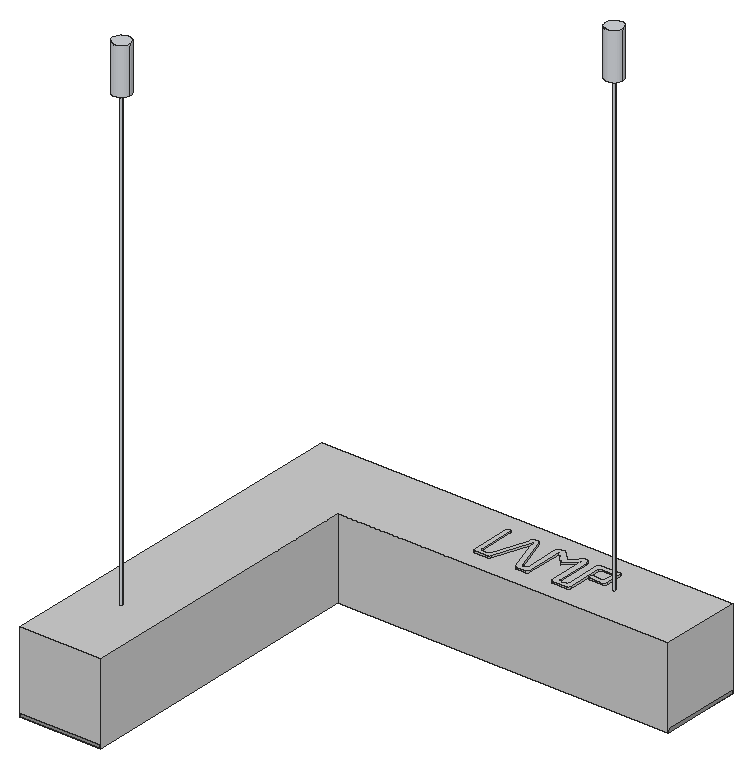
Revit family "LAMP_FIL 70 CORNER OPAL SUSPENDED", category Luminarias, Revit 2015
Parameters (values of type "1300LM 3000K GREY")
  Ángulo de inclinación = 90.00°
  Weight = 1.416 kg
  Wattage = 10.1 W
  UniClass 2.0 Descripción = ""
  UniClass 2.0 Code = Product code  # "F71HCSFLOOP830NG"
  UniClass 1.4 Descripción = ""
  UniClass 1.4 Code = Product code  # "F71HCSFLOOP830NG"
  Type = "MID POWER PHILIPS"
  Suspension distance [instance] = if(Suspension > 4000.00 mm, 4000.00 mm, Suspension)  # 400.00 mm
  Suspension [instance] = 400.00 mm
  built-in parameter 1150110 = 1 (stored number, unit not read)
  Protection rating = "IP42, IK06"
  Product datasheet = "https://www.lamp.es/product-files/TECH/F71HCSFLOOP830NG-EN.pdf"
  Product code = "F71HCSFLOOP830NG"
  Product URL = "https://www.lamp.es/en/family/fil-70_33399"
  Power Supply = "220-240V 50-60Hz"
  Power = 9 W
  Plum = 10.1 W
  Omniclass Descripción = ""
  OmniClass Code = ""
  Modelo = Product code  # "F71HCSFLOOP830NG"
  Model explanation = "Availability of switching between accessories through visibility parameters when placed in a project."
  Material perfil = LAMP_Aluminio Perfil Fil GR
  Material difusor = LAMP_PC Difusor Opal Fil
  Material Perfil = LAMP_Aluminio Perfil Fil GR
  Manufacturer name = "LAMP"
  Manufacturer country = "Spain"
  Manufacturer URL = "http://www.lamp.es/en"
  MacAdam = "3"
  Lámpara = "LED MID-POWER"
  Luminaire type = "Indoor - Modular Systems"
  Last update = "12/08/2020"
  LED Lifetime = "50000 L80 B10"
  Insulation class = "I"
  Installation instructions = "https://www.lamp.es/product-files/INS/1002960-J-INSTR.%20ESTRUCTURA%20FIL%2070.pdf"
  IFC Clasificación = "Light Fixture"
  IEE = "A++"
  Gear = "Electronic"
  Finish = "Gloss Grey"
  built-in parameter 1114217 = 1 (stored number, unit not read)
  built-in parameter 1150109 = 1 (stored number, unit not read)
  Fabricante = Manufacturer name  # "LAMP"
  Efficacy = 98.6 lm/W
  Dimensions = "(293x358)x70x70 mm"
  Descripción = "FIL 70 CORNER OPAL SUS 1300 WW GR."
  Comentarios de tipo = Model explanation  # "Availability of switching between accessories through visibility parameters when placed in a project."
  built-in parameter 1150134 = (empty or 0)
  built-in parameter 1150113 = 1 (stored number, unit not read)
  Lumens = 995.86 lm
  built-in parameter 1150115 = 1 (stored number, unit not read)
  built-in parameter 1150105 = 366.42 (stored number, unit not read)
  built-in parameter 1150137 = (empty or 0)
  built-in parameter 1150139 = (empty or 0)
  built-in parameter 1150112 = 1 (stored number, unit not read)
  built-in parameter 1150114 = 1 (stored number, unit not read)
  built-in parameter 1150132 = 2
  built-in parameter 1150102 = (empty or 0)
  built-in parameter 1150138 = (empty or 0)
  built-in parameter 1150107 = 3000 (stored number, unit not read)
  built-in parameter 1150106 = 3.6642 (stored number, unit not read)
  Emit from Line Length = 293.00 mm
  built-in parameter 1150104 = 9.1602 (stored number, unit not read)
  Dimming Lamp Color Temperature Shift = (empty or 0)
  Color Filter = 16777215
  built-in parameter 1114218 = 1 (stored number, unit not read)
  CRI = "80"
  Archivo de red fotométrica = "14741003.IES"
  built-in parameter 1150133 = 10 (stored number, unit not read)
Types (8, lengths in mm): name | Wattage | UniClass 2.0 Code | UniClass 1.4 Code | Product datasheet | Product code | Power | Plum | Modelo | Material perfil | Finish | Efficacy | Descripción | built-in parameter 1150134 | Lumens | built-in parameter 1150105 | built-in parameter 1150107 | built-in parameter 1150106 | built-in parameter 1150104 | Archivo de red fotométrica
  1300LM 3000K GREY | 10.1 W | "F71HCSFLOOP830NG" | "F71HCSFLOOP830NG" | "https://www.lamp.es/product-files/TECH/F71HCSFLOOP830NG-EN.pdf" | "F71HCSFLOOP830NG" | 9 W | 10.1 W | "F71HCSFLOOP830NG" | LAMP_Aluminio Perfil Fil GR | "Gloss Grey" | 98.6 lm/W | "FIL 70 CORNER OPAL SUS 1300 WW GR." | (empty or 0) | 995.86 lm | 366.42 (stored number, unit not read) | 3000 (stored number, unit not read) | 3.6642 (stored number, unit not read) | 9.1602 (stored number, unit not read) | "14741003.IES"
  1300LM 3000K WHITE | 10.1 W | "F71HCSFLOOP830NW" | "F71HCSFLOOP830NW" | "https://www.lamp.es/product-files/TECH/F71HCSFLOOP830NW-EN.pdf" | "F71HCSFLOOP830NW" | 9 W | 10.1 W | "F71HCSFLOOP830NW" | LAMP_Aluminio Perfil Fil BL | "Matt White" | 98.6 lm/W | "FIL + LED CORNER OPAL SUS 1300 WW WH." | (empty or 0) | 995.86 lm | 366.42 (stored number, unit not read) | 3000 (stored number, unit not read) | 3.6642 (stored number, unit not read) | 9.1602 (stored number, unit not read) | "14741000.IES"
  1300LM 4000K GREY | 10.1 W | "F71HCSFLOOP840NG" | "F71HCSFLOOP840NG" | "https://www.lamp.es/product-files/TECH/F71HCSFLOOP840NG-EN.pdf" | "F71HCSFLOOP840NG" | 9 W | 10.1 W | "F71HCSFLOOP840NG" | LAMP_Aluminio Perfil Fil GR | "Gloss Grey" | 103.7 lm/W | "FIL 70 CORNER OPAL SUS 1300 NW GR." | 12 | 1047.37 lm | 385.4 (stored number, unit not read) | 4000 (stored number, unit not read) | 3.854 (stored number, unit not read) | 9.634 (stored number, unit not read) | "14740003.IES"
  1300LM 4000K WHITE | 10.1 W | "F71HCSFLOOP840NW" | "F71HCSFLOOP840NW" | "https://www.lamp.es/product-files/TECH/F71HCSFLOOP840NW-EN.pdf" | "F71HCSFLOOP840NW" | 9 W | 10.1 W | "F71HCSFLOOP840NW" | LAMP_Aluminio Perfil Fil BL | "Matt White" | 103.7 lm/W | "FIL 70 CORNER OPAL SUS 1300 NW WH." | 12 | 1047.37 lm | 385.4 (stored number, unit not read) | 4000 (stored number, unit not read) | 3.854 (stored number, unit not read) | 9.634 (stored number, unit not read) | "14740000.IES"
  2200LM 3000K GREY | 16 W | "F71HCSFHOOP830NG" | "F71HCSFHOOP830NG" | "https://www.lamp.es/product-files/TECH/F71HCSFHOOP830NG-EN.pdf" | "F71HCSFHOOP830NG" | 14 W | 16 W | "F71HCSFHOOP830NG" | LAMP_Aluminio Perfil Fil GR | "Gloss Grey" | 105.3 lm/W | "FIL 70 CORNER OPAL SUS 2200 WW GR." | (empty or 0) | 1684.8 lm | 619.9 (stored number, unit not read) | 3000 (stored number, unit not read) | 6.199 (stored number, unit not read) | 9.7827 (stored number, unit not read) | "14741013.IES"
  2200LM 3000K WHITE | 16 W | "F71HCSFHOOP830NW" | "F71HCSFHOOP830NW" | "https://www.lamp.es/product-files/TECH/F71HCSFHOOP830NW-EN.pdf" | "F71HCSFHOOP830NW" | 14 W | 16 W | "F71HCSFHOOP830NW" | LAMP_Aluminio Perfil Fil BL | "Matt White" | 105.3 lm/W | "FIL 70 CORNER OPAL SUS 2200 WW WH.\r\nFIL + LED CORNER OPAL SUS 2200 WW WH." | (empty or 0) | 1684.8 lm | 619.9 (stored number, unit not read) | 3000 (stored number, unit not read) | 6.199 (stored number, unit not read) | 9.7827 (stored number, unit not read) | "14741010.IES"
  2200LM 4000K GREY | 16 W | "F71HCSFHOOP840NG" | "F71HCSFHOOP840NG" | "https://www.lamp.es/product-files/TECH/F71HCSFHOOP840NG-EN.pdf" | "F71HCSFHOOP840NG" | 14 W | 16 W | "F71HCSFHOOP840NG" | LAMP_Aluminio Perfil Fil GR | "Gloss Grey" | 113.3 lm/W | "FIL 70 CORNER OPAL SUS 2200 NW GR." | 12 | 1812.8 lm | 667.02 (stored number, unit not read) | 4000 (stored number, unit not read) | 6.6702 (stored number, unit not read) | 10.526 (stored number, unit not read) | "14740013.IES"
  2200LM 4000K WHITE | 16 W | "F71HCSFHOOP840NW" | "F71HCSFHOOP840NW" | "https://www.lamp.es/product-files/TECH/F71HCSFHOOP840NW-EN.pdf" | "F71HCSFHOOP840NW" | 14 W | 16 W | "F71HCSFHOOP840NW" | LAMP_Aluminio Perfil Fil BL | "Matt White" | 113.3 lm/W | "FIL 70 CORNER OPAL SUS 2200 NW WH." | 12 | 1812.8 lm | 667.02 (stored number, unit not read) | 4000 (stored number, unit not read) | 6.6702 (stored number, unit not read) | 10.526 (stored number, unit not read) | "14740010.IES"
Reference planes
  plane 1 "Eje de origen de luz (F/P)": y = 0
  plane 2 "Techo": z = 2438.4
  plane 3 "Eje de origen de luz (I/D)": x = 0
  plane 4 "Elevación de origen de luz": z = 1928.4
  plane 5 "derecha": x = 358
  plane 6: z = 2398.4
  plane 7 "Centro origen de luz": x = 179
  plane 8: y = -293
  plane 9: z = 1998.4
Forms (mm)
  Extrusion 1, solid
    sketch origin (0, 0, 0) x (1, 0, 0) y (0, 1, 0)
      loop
        circle (283, 0) r 7.5
    from 2398.4 to 2438.4
  Extrusion 2, solid
    sketch origin (510, 0, 0) x (1, 0, 0) y (0, 1, 0)
      loop
        circle (-227, 0) r 1
    from 1998.4 to 2398.4
  Extrusion 3, solid
    sketch origin (-258.601, -191.003, 0) x (1, 0, 0) y (0, 1, 0)
      loop
        circle (293, -34.497) r 7.5
    from 2398.4 to 2438.4
  Extrusion 4, solid
    sketch origin (251.399, -191.003, 0) x (1, 0, 0) y (0, 1, 0)
      loop
        circle (-217, -34.497) r 1
    from 1998.4 to 2398.4
  Sweep 5, void
    path origin (34.997, -44.497, 1928.4) x (1, 0, 0) y (0, 1, 0)
      loop
        line (323.003, 44.497) -> (0.003, 44.497) -> (0.003, -248.503)
    profile origin (196.5, 0, 1928.4) x (0, -1, 0) y (0, 0, 1)
      loop
        line (35, 0) -> (33.241, 6.024) -> (-33.241, 6.024) -> (-35, 0) -> (35, 0)
  Sweep 6, solid, material "LAMP_Aluminio Perfil Fil GR" <- "Material perfil"
    path origin (0, 0, 1928.4) x (0, -1, 0) y (1, 0, 0)
      loop
        line (0, 358) -> (0, 35) -> (293, 35)
    profile origin (196.5, 0, 1928.4) x (0, -1, 0) y (0, 0, 1)
      loop
        line (-35, 70) -> (-35, 0) -> (35, 0) -> (35, 70) -> (-35, 70)
  Sweep 7, solid, material "LAMP_PC Difusor Opal Fil" <- "Material difusor"
    path origin (0, 0, 1928.4) x (0, -1, 0) y (1, 0, 0)
      loop
        line (0, 358) -> (0, 35) -> (293, 35)
    profile origin (196.5, 0, 1928.4) x (0, -1, 0) y (0, 0, 1)
      loop
        line (-34.4, 0) -> (34.4, 0) -> (34.4, 2.48) -> (-34.4, 2.48) -> (-34.4, 0)
  Extrusion 8, solid, material "LAMP_Aluminio Perfil Fil GR" <- "Material Perfil"
    sketch origin (0, -4572, 1998.4) x (-1, 0, 0) y (0, -1, 0)
      loop
        arc (-174.958, -4554.725) -> (-175.488, -4553.446) -> (-176.767, -4552.917) r 1.808
        line (-176.767, -4552.917) -> (-187.78, -4552.917)
        arc (-187.78, -4552.917) -> (-188.872, -4553.266) -> (-189.558, -4554.185) r 1.88
        line (-189.558, -4554.185) -> (-200.572, -4586.196) -> (-211.526, -4554.36)
        arc (-211.526, -4554.36) -> (-212.17, -4553.498) -> (-213.195, -4553.17) r 1.764
        line (-213.195, -4553.17) -> (-221.127, -4553.17)
        arc (-221.127, -4553.17) -> (-222.377, -4553.688) -> (-222.895, -4554.938) r 1.768
        line (-222.895, -4554.938) -> (-222.895, -4586.398) -> (-232.854, -4576.438) -> (-242.814, -4586.398) -> (-242.814, -4554.633)
        arc (-242.814, -4554.633) -> (-243.317, -4553.42) -> (-244.531, -4552.917) r 1.717
        line (-244.531, -4552.917) -> (-256.847, -4552.917)
        arc (-256.847, -4552.917) -> (-258.161, -4553.461) -> (-258.705, -4554.775) r 1.858
        line (-258.705, -4554.775) -> (-258.705, -4584.857)
        arc (-258.705, -4584.857) -> (-259.231, -4586.127) -> (-260.501, -4586.653) r 1.796
        line (-260.501, -4586.653) -> (-268.856, -4586.653)
        arc (-268.856, -4586.653) -> (-270.164, -4586.111) -> (-270.705, -4584.803) r 1.849
        line (-270.705, -4584.803) -> (-270.705, -4578.491)
        arc (-270.705, -4578.491) -> (-270.167, -4577.191) -> (-268.867, -4576.653) r 1.838
        line (-268.867, -4576.653) -> (-261.174, -4576.653)
        arc (-261.174, -4576.653) -> (-259.174, -4574.653) -> (-261.174, -4572.653) r 2
        line (-261.174, -4572.653) -> (-272.912, -4572.653)
        arc (-272.912, -4572.653) -> (-274.18, -4573.178) -> (-274.705, -4574.446) r 1.793
        line (-274.705, -4574.446) -> (-274.705, -4588.771)
        arc (-274.705, -4588.771) -> (-274.154, -4590.102) -> (-272.823, -4590.653) r 1.882
        line (-272.823, -4590.653) -> (-256.563, -4590.653)
        arc (-256.563, -4590.653) -> (-255.249, -4590.109) -> (-254.705, -4588.795) r 1.858
        line (-254.705, -4588.795) -> (-254.705, -4558.724)
        arc (-254.705, -4558.724) -> (-254.161, -4557.41) -> (-252.846, -4556.865) r 1.859
        line (-252.846, -4556.865) -> (-248.732, -4556.865)
        arc (-248.732, -4556.865) -> (-247.425, -4557.407) -> (-246.884, -4558.714) r 1.849
        line (-246.884, -4558.714) -> (-246.884, -4586.97)
        arc (-246.884, -4586.97) -> (-243.982, -4591.003) -> (-239.236, -4589.533) r 4.253
        line (-239.236, -4589.533) -> (-232.854, -4583.151) -> (-226.472, -4589.533)
        arc (-226.472, -4589.533) -> (-221.727, -4591.003) -> (-218.825, -4586.97) r 4.253
        line (-218.825, -4586.97) -> (-218.825, -4559.166)
        arc (-218.825, -4559.166) -> (-216.909, -4556.902) -> (-214.36, -4558.419) r 2.295
        line (-214.36, -4558.419) -> (-204.154, -4588.097)
        arc (-204.154, -4588.097) -> (-200.572, -4590.653) -> (-196.99, -4588.097) r 3.788
        line (-196.99, -4588.097) -> (-186.682, -4558.123)
        arc (-186.682, -4558.123) -> (-186.002, -4557.212) -> (-184.919, -4556.865) r 1.864
        line (-184.919, -4556.865) -> (-180.736, -4556.865)
        arc (-180.736, -4556.865) -> (-179.479, -4557.386) -> (-178.958, -4558.642) r 1.777
        line (-178.958, -4558.642) -> (-178.958, -4588.865)
        arc (-178.958, -4588.865) -> (-176.958, -4590.865) -> (-174.958, -4588.865) r 2
        line (-174.958, -4588.865) -> (-174.958, -4554.725)
    from 0 to 1
Text (mm)
  text "Any modification of the parameters and properties of the LAMP BIM models must be executed and validated by the LAMP technical department.\n\nPhone: +34 93 736 68 00\n\nE-mail: lamp@lamp.es\n\n\n\nLAMP reserves the right to modify the technical specifications of its products." at (1053.217, -331.825, 1680.089), in view "Preview"
Dimensions and locks
  equal spacing: host sketch curve, plane 3 "Eje de origen de luz (I/D)", host sketch curve
  equal spacing: host sketch curve, plane 1 "Eje de origen de luz (F/P)", host sketch curve
  host sketch curve to host sketch curve = 3048.00 mm  (x2)
  plane 3 "Eje de origen de luz (I/D)" to plane 5 "derecha" = 358.00 mm
  locked: plane 2 "Techo" to plane 6 at 40
  equal spacing: plane 3 "Eje de origen de luz (I/D)", plane 7 "Centro origen de luz", plane 5 "derecha"
  plane 1 "Eje de origen de luz (F/P)" to plane 8 = 293.00 mm
  locked: plane 9 to plane 4 "Elevación de origen de luz" at 70
  "Suspension": plane 6 to plane 9
  aligned and locked: plane 1 "Eje de origen de luz (F/P)" to imposter light
  aligned and locked: plane 4 "Elevación de origen de luz" to imposter light
  aligned and locked: plane 2 "Techo" to Extrusion 1
  aligned and locked: Extrusion 1 to plane 6
  aligned and locked: plane 6 to Extrusion 2
  aligned and locked: plane 5 "derecha" to Sweep 5 sketch curve
  aligned and locked: plane 8 to Sweep 5 sketch curve
  aligned and locked: plane 4 "Elevación de origen de luz" to Sweep 5
  aligned and locked: Extrusion 2 to plane 9
  aligned and locked: Extrusion 4 to plane 9
  aligned and locked: Extrusion 8 to plane 9
Automatic sketch dimensions
  plane 8 to Extrusion 3 sketch curve = 67.50 mm
  plane 3 "Eje de origen de luz (I/D)" to Extrusion 3 sketch curve = 34.399 mm
  plane 8 to Extrusion 4 sketch curve = 67.50 mm
  plane 3 "Eje de origen de luz (I/D)" to Extrusion 4 sketch curve = 34.399 mm
  plane 1 "Eje de origen de luz (F/P)" to Extrusion 1 sketch curve = 0.00 mm
  Extrusion 1 sketch curve to plane 5 "derecha" = 75.00 mm
  plane 1 "Eje de origen de luz (F/P)" to Extrusion 2 sketch curve = 0.00 mm
  Extrusion 2 sketch curve to plane 5 "derecha" = 75.00 mm
  Sweep 5 sketch curve to plane 1 "Eje de origen de luz (F/P)" = 0.00 mm
  plane 3 "Eje de origen de luz (I/D)" to Sweep 5 sketch curve = 35.00 mm
  plane 4 "Elevación de origen de luz" to Sweep 5 sketch curve = 0.00 mm
  profile plane to Sweep 5 sketch curve = 35.00 mm
  Sweep 5 sketch curve to plane 4 "Elevación de origen de luz" = 6.024 mm
  Sweep 5 sketch curve to Sweep 5 sketch curve = 1.759 mm  (x2)
  Sweep 5 sketch curve to profile plane = 33.241 mm
  plane 1 "Eje de origen de luz (F/P)" to Sweep 6 sketch curve = 0.00 mm
  Sweep 6 sketch curve to plane 8 = 0.00 mm
  Sweep 6 sketch curve to plane 5 "derecha" = 0.00 mm
  plane 3 "Eje de origen de luz (I/D)" to Sweep 6 sketch curve = 35.00 mm
  plane 4 "Elevación de origen de luz" to Sweep 6 sketch curve = 0.00 mm
  profile plane to Sweep 6 sketch curve = 35.00 mm
  Sweep 6 sketch curve to profile plane = 35.00 mm
  Sweep 6 sketch curve to plane 4 "Elevación de origen de luz" = 70.00 mm
  plane 1 "Eje de origen de luz (F/P)" to Sweep 7 sketch curve = 0.00 mm
  Sweep 7 sketch curve to plane 8 = 0.00 mm
  Sweep 7 sketch curve to plane 5 "derecha" = 0.00 mm
  plane 3 "Eje de origen de luz (I/D)" to Sweep 7 sketch curve = 35.00 mm
  plane 4 "Elevación de origen de luz" to Sweep 7 sketch curve = 0.00 mm
  Sweep 7 sketch curve to plane 4 "Elevación de origen de luz" = 2.48 mm
  profile plane to Sweep 7 sketch curve = 34.40 mm
  Sweep 7 sketch curve to profile plane = 34.40 mm
  Extrusion 8 sketch curve to plane 1 "Eje de origen de luz (F/P)" = 16.771 mm
  Extrusion 8 sketch curve to plane 5 "derecha" = 83.295 mm
  Extrusion 8 sketch curve to plane 1 "Eje de origen de luz (F/P)" = 0.653 mm
  Extrusion 8 sketch curve to Extrusion 8 sketch curve = 1.793 mm
  Extrusion 8 sketch curve to Extrusion 8 sketch curve = 1.882 mm
  Extrusion 8 sketch curve to Extrusion 8 sketch curve = 2.207 mm
  Extrusion 8 sketch curve to Extrusion 8 sketch curve = 1.838 mm
  Extrusion 8 sketch curve to Extrusion 8 sketch curve = 1.849 mm  (x2)
  Extrusion 8 sketch curve to Extrusion 8 sketch curve = 7.693 mm
  Extrusion 8 sketch curve to Extrusion 8 sketch curve = 8.355 mm
  Extrusion 8 sketch curve to Extrusion 8 sketch curve = 2.469 mm
  Extrusion 8 sketch curve to Extrusion 8 sketch curve = 1.858 mm  (x2)
  Extrusion 8 sketch curve to Extrusion 8 sketch curve = 3.938 mm
  Extrusion 8 sketch curve to Extrusion 8 sketch curve = 1.859 mm
  Extrusion 8 sketch curve to Extrusion 8 sketch curve = 4.114 mm
  Extrusion 8 sketch curve to Extrusion 8 sketch curve = 4.201 mm
  Extrusion 8 sketch curve to Extrusion 8 sketch curve = 4.07 mm  (x2)
  Extrusion 8 sketch curve to Extrusion 8 sketch curve = 0.184 mm  (x2)
  Extrusion 8 sketch curve to plane 1 "Eje de origen de luz (F/P)" = 17.533 mm  (x2)
  Extrusion 8 sketch curve to Extrusion 8 sketch curve = 3.394 mm  (x2)
  Extrusion 8 sketch curve to plane 1 "Eje de origen de luz (F/P)" = 4.438 mm
  Extrusion 8 sketch curve to Extrusion 8 sketch curve = 9.96 mm
  Extrusion 8 sketch curve to plane 1 "Eje de origen de luz (F/P)" = 11.151 mm
  Extrusion 8 sketch curve to Extrusion 8 sketch curve = 0.00 mm  (x2)
  Extrusion 8 sketch curve to plane 1 "Eje de origen de luz (F/P)" = 14.398 mm
  Extrusion 8 sketch curve to Extrusion 8 sketch curve = 1.768 mm
  Extrusion 8 sketch curve to Extrusion 8 sketch curve = 2.295 mm
  plane 1 "Eje de origen de luz (F/P)" to Extrusion 8 sketch curve = 13.581 mm
  Extrusion 8 sketch curve to Extrusion 8 sketch curve = 2.17 mm
  Extrusion 8 sketch curve to Extrusion 8 sketch curve = 1.166 mm
  plane 1 "Eje de origen de luz (F/P)" to Extrusion 8 sketch curve = 17.64 mm
  Extrusion 8 sketch curve to Extrusion 8 sketch curve = 1.668 mm
  Extrusion 8 sketch curve to Extrusion 8 sketch curve = 14.671 mm
  Extrusion 8 sketch curve to Extrusion 8 sketch curve = 3.582 mm  (x2)
  Extrusion 8 sketch curve to plane 1 "Eje de origen de luz (F/P)" = 16.097 mm
  Extrusion 8 sketch curve to plane 7 "Centro origen de luz" = 10.558 mm
  Extrusion 8 sketch curve to Extrusion 8 sketch curve = 1.778 mm
  Extrusion 8 sketch curve to Extrusion 8 sketch curve = 1.098 mm
  Extrusion 8 sketch curve to Extrusion 8 sketch curve = 1.763 mm
  Extrusion 8 sketch curve to plane 7 "Centro origen de luz" = 1.736 mm
  plane 7 "Centro origen de luz" to Extrusion 8 sketch curve = 0.042 mm
  Extrusion 8 sketch curve to Extrusion 8 sketch curve = 2.00 mm
  plane 7 "Centro origen de luz" to Extrusion 8 sketch curve = 2.233 mm
  Extrusion 8 sketch curve to plane 1 "Eje de origen de luz (F/P)" = 16.865 mm
  Extrusion 8 sketch curve to Extrusion 8 sketch curve = 1.232 mm
  Extrusion 8 sketch curve to Extrusion 8 sketch curve = 2.118 mm
  Extrusion 8 sketch curve to Extrusion 8 sketch curve = 0.669 mm
  Extrusion 8 sketch curve to Extrusion 8 sketch curve = 4.045 mm
  plane 1 "Eje de origen de luz (F/P)" to Extrusion 8 sketch curve = 13.27 mm
  plane 1 "Eje de origen de luz (F/P)" to Extrusion 8 sketch curve = 13.276 mm
  Extrusion 8 sketch curve to Extrusion 8 sketch curve = 0.087 mm
  Extrusion 8 sketch curve to Extrusion 8 sketch curve = 4.228 mm
  Extrusion 8 sketch curve to Extrusion 8 sketch curve = 3.327 mm
  Extrusion 8 sketch curve to Extrusion 8 sketch curve = 3.949 mm
  Extrusion 8 sketch curve to Extrusion 8 sketch curve = 3.917 mm
  radius of Extrusion 3 sketch curve = 7.50 mm
  radius of Extrusion 4 sketch curve = 1.00 mm
  radius of Extrusion 1 sketch curve = 7.50 mm
  radius of Extrusion 2 sketch curve = 1.00 mm
Connectors
  electrical at (142.667, -97.667, 1928.4)
    settings: on Sweep 5, index 1, voltage 240 V, apparent load 0 VA, apparent load phase1 0 VA, apparent load phase2 0 VA, apparent load phase3 0 VA, power factor 1, load classification "Otro", number of poles 1, system type 31, power factor state 1, is connector primary yes, connector utility no, sub classification motor no, connector description ""
